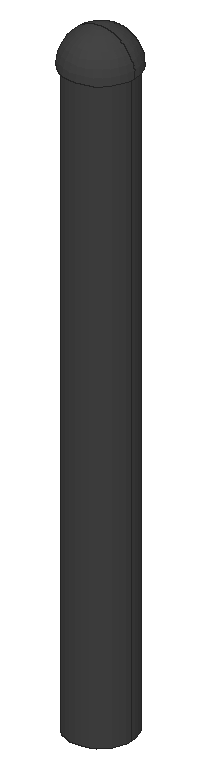
Revit family "Orion End Post", category Furniture, Revit 2020
Family settings
  OmniClass Number = 23.21.23.13.15
  Work Plane-Based = No
  Always vertical = Yes
  Cut with Voids When Loaded = No
  Shared = No
  Room Calculation Point = No
Parameters (values of type "8003106 / Black - Galvanized")
  Uniclass 1.4 Description = "Furniture"
  Uniclass 1.4 Code = "L8211"
  URL = "https://www.hags.com/"
  QR code = "https://www.hags.com/en-us/furniture/park-and-urban-furniture/bicycle-storage/orion-cycle-stand/not-applicable-cast-in-place-end-post-aug-2010-black-galv"
  Product url = "https://www.hags.com/en-us/furniture/park-and-urban-furniture/bicycle-storage/orion-cycle-stand/not-applicable-cast-in-place-end-post-aug-2010-black-galv"
  Product name = "Orion End Post"
  Product data url = "https://bimobject.com/hags/product/sofa_sofiero_detached"
  Product SKU = "Orion_End_Post_Detached"
  Product Guid = "90e49432-c870-4a59-897e-b15016e8f9bd"
  OmniClass Description = "BICYCLE STORAGE"
  OmniClass Code = "23-21 23 13 15"
  Model = "8003106"
  Manufacturer name = "HAGS"
  Manufacturer = "Hags"
  IFC Classification = "Furniture"
  Edition number = 1
  Description = ""
  Default Elevation = 0 mm
  Construction material = Hags - Steel - Powder coated - Black
  Body material_90 = Hags - Steel - Galvanized
  Body material = Hags - Steel - Galvanized
  BIMobject category = "PARK AND URBAN FURNITURE"
Reference planes
  plane 1 "Center (Front/Back)": y = 0
  plane 2: z = 0
  plane 3 "Center (Left/Right)": x = 0
Forms (mm)
  Extrusion 1, solid, material "Hags - Steel - Powder coated - Black" <- "Construction material"
    sketch origin (1.256, 773.645, -2.003) x (1, 0, 0) y (0, 1, 0)
      loop
        circle (0, 0) r 45
    from 0 to 855.862
  Revolve 2, solid, material "Hags - Steel - Powder coated - Black" <- "Construction material"
    sketch origin (-157.494, 773.272, 982.921) x (1, 0, 0) y (0, 0, -1)
      loop
        arc (158.761, 80.421) -> (194.116, 95.065) -> (208.761, 130.421) r 50
        line (208.761, 130.421) -> (207.761, 130.421)
        arc (207.761, 130.421) -> (193.409, 95.772) -> (158.761, 81.421) r 49
        line (158.761, 81.421) -> (158.761, 80.421)
      axis (158.761, 80.421) -> (158.761, 130.421)
    angle from 0 to 360
Dimensions and locks
  aligned and locked: level to plane 2
